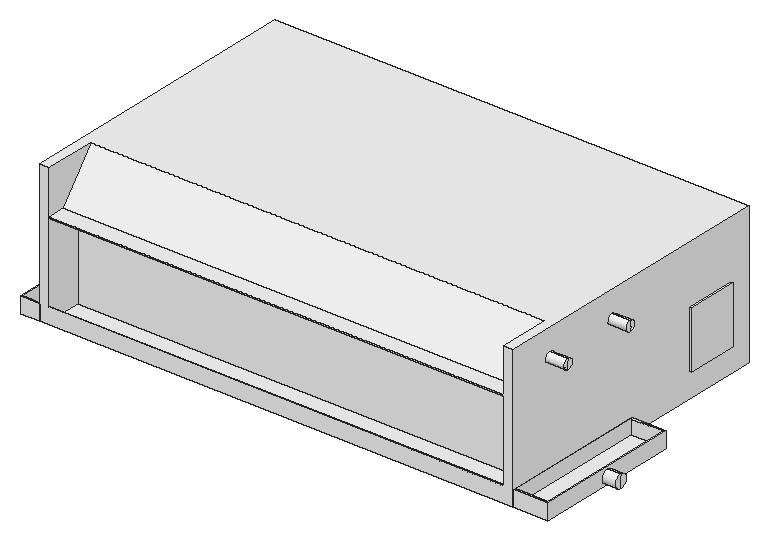
Revit family "ALDAG_AE_CONCEALED_CEILING_TYPE_FANCOIL_2_PIPE", category Mechanical Equipment, Revit 2016
Family settings
  Part Type = Normal
  Round Connector Dimension = Use Diameter
  OmniClass Number = 23.75.70.17.27
  OmniClass Title = Fan Coil Units
  Work Plane-Based = No
  Always vertical = Yes
  Cut with Voids When Loaded = No
  Shared = No
  Room Calculation Point = No
Parameters (values of type "AE 204_AC_Low")
  Width = 460 mm  # constant formula
  Weight = 17.00 kg
  Water_Pressure_Loss_Maximum_Heating = 6.6 kPa
  Water_Pressure_Loss_Maximum_Extra_Heating = 0.0 kPa
  Water_Pressure_Loss_Maximum_Cooling = 14.3 kPa
  Water_Outlet_Temperature = 12 °C  # constant formula
  Water_Inlet_Temperature = 7 °C  # constant formula
  Water_Flow_Heating = 0.0830556 L/s
  Water_Flow_Extra_Heating = 0.00 L/s
  Water_Flow_Cooling = 0.113611 L/s
  Voltage = 230 V  # constant formula
  URL = "http://www.aldag.com.tr/"
  Tray_Position [instance] = if(Coil_Connection_Left, Tray_Offset_Gap, 0 mm)  # 0 mm
  Tray_Pipe_Side [instance] = Tray_Offset  # 55 mm
  Tray_Offset_Gap = Length - 55 mm  # 771 mm
  Tray_Offset [instance] = if(Coil_Connection_Left, 30 mm, 55 mm)  # 55 mm
  Tray_Connector_Side [instance] = if(Coil_Connection_Left, 55 mm, 30 mm)  # 30 mm
  Total_Cooling_Capacity = 2.38 kW
  Supply_Duct_Connection = "710X125"
  Suction_Duct_Connection = "0"
  Sound_Level = "38dBA"
  Show_Clearance [instance] = no
  Sensible_Cooling_Capacity = 1.67 kW
  Right = "Right"
  Power = 100 W
  Pipe_Offset_Position [instance] = if(Coil_Connection_Left, 0 mm, Pipe_Offset_Gap)  # 741 mm
  Pipe_Offset_Gap = Length - 85 mm  # 741 mm
  Pipe_Length [instance] = 30 mm  # constant formula
  OmniclassNumber_2012 = "23.33.33.11.15.11"  # constant formula
  Number_Of_Poles = 1
  NominalWidth = Width  # 460 mm
  NominalLength = Length  # 826 mm
  NominalHeight = Height  # 220 mm
  Motor_Type = "AC"
  Model = "AE-204"
  Manufacturer = "ALDAG HVAC SYSTEM"
  Length = 826 mm
  Left = "Left"
  IfcExportType = "AIRCONDITIONINGUNIT"  # constant formula
  IfcExportAs = "IfcUnitaryEquipmentType"  # constant formula
  Height = 220 mm  # constant formula
  Heating_Water_Outlet_Temperature = 70 °C  # constant formula
  Heating_Water_Inlet_Temperature = 90 °C  # constant formula
  Heating_Capacity_Standard = 6.95 kW
  Heating_Capacity_Extra = 0 kW
  Frequency = 50 Hz  # constant formula
  Fan_Speed = "Low"
  Extra_Heating_Water_Outlet_Temperature = 60 °C  # constant formula
  Extra_Heating_Water_Inlet_Temperature = 70 °C  # constant formula
  External_Static_Pressure = 20.0 Pa
  Duct_Width = Length - 116 mm  # 710 mm
  Duct_Height = 125 mm  # constant formula
  Drain_Pipe_Offset [instance] = if(Coil_Connection_Left, 0 mm, Tray_Offset_Gap + 55 mm)  # 826 mm
  Drain_Out = 20 mm  # constant formula
  Control_Enclosure_Right [instance] = not(Coil_Connection_Left)  # yes
  Control_Enclosure_Left [instance] = not(Control_Enclosure_Right)  # no
  Control_Enclosure_Angle [instance] = if(Control_Enclosure_Left, 0.00°, 180.00°)  # 180.00°
  Connector_Position [instance] = if(Coil_Connection_Left, 0 mm, Connector_Offset_Gap)  # 751 mm
  Connector_Offset_Gap = Length - 75 mm  # 751 mm
  Coil_Connection_Right [instance] = not(Control_Enclosure_Left)  # yes
  Coil_Connection_Radius [instance] = Coil_Connection_Diameter / 2  # 7.5 mm
  Coil_Connection_Left [instance] = no
  Coil_Connection_Diameter = 15 mm
  Coil_Connection [instance] = if(Coil_Connection_Left, Left, Right)  # "Right"
  Clearance_Pipe_Side [instance] = if(Coil_Connection_Left, 300 mm, 200 mm)  # 200 mm
  Clearance_Opposite_Side [instance] = if(Coil_Connection_Left, 200 mm, 300 mm)  # 300 mm
  Assembly Code = "FCU-2"
  Air_Flow = 428.0 m³/h
  Additional_Heating_Connection = 0 mm  # constant formula
Types (2, lengths in mm): name | Weight | Water_Pressure_Loss_Maximum_Heating | Water_Pressure_Loss_Maximum_Cooling | Water_Flow_Heating | Water_Flow_Cooling | Tray_Offset_Gap | Total_Cooling_Capacity | Supply_Duct_Connection | Sound_Level | Sensible_Cooling_Capacity | Pipe_Offset_Position | Pipe_Offset_Gap | NominalLength | Model | Length | Heating_Capacity_Standard | Duct_Width | Drain_Pipe_Offset | Connector_Position | Connector_Offset_Gap | Assembly Code | Air_Flow
  AE 204_AC_Low | 17.00 kg | 6.6 kPa | 14.3 kPa | 0.0830556 L/s | 0.113611 L/s | 771 | 2.38 kW | "710X125" | "38dBA" | 1.67 kW | 741 | 741 | 826 | "AE-204" | 826 | 6.95 kW | 710 | 826 | 751 | 751 | "FCU-2" | 428.0 m³/h
  AE 104_AC_Low | 16.00 kg | 4.2 kPa | 6.9 kPa | 0.0597222 L/s | 0.0611111 L/s | 571 | 1.28 kW | "510X125" | "36dBA" | 0.96 kW | 541 | 541 | 626 | "AE-104" | 626 | 5.01 kW | 510 | 626 | 551 | 551 | "FCU-1" | 323.0 m³/h
Reference planes
  plane 1 "Center (Front/Back)": y = 0
  plane 2: z = 0
  plane 3 "Center (Left/Right)": x = 0
  plane 4: z = 220
  plane 5: x = -413
  plane 6: x = 413
  plane 7: y = 230
  plane 8: y = -230
  plane 9: x = -383
  plane 10: x = 358
  plane 11: x = 413
  plane 12: x = 413
  plane 13: x = -413
  plane 14: x = -413
  plane 15: z = 180
  plane 16: x = -383
  plane 17: x = 358
  plane 18: z = 180
  plane 19: x = -383
  plane 20: x = 358
  plane 21: z = 12.9
  plane 22: x = -413
  plane 23: x = 413
  plane 24: z = 12.9
  plane 25: x = -393
  plane 26: x = 358
Forms (mm)
  Extrusion 1, solid, material "PVC"
    sketch origin (0, 0, 0) x (1, 0, 0) y (0, 1, 0)
      loop
        line (-383, 230) -> (-383, -230) -> (358, -230) -> (358, 230) -> (-383, 230)
    from 0 to 220
  Sweep 2, solid, material "PVC"
    path origin (0, 0, 0) x (1, 0, 0) y (0, 1, 0)
      loop
        line (358, 0) -> (358, -230) -> (413, -230) -> (413, 0) -> (358, 0)
    profile origin (358, -115, 0) x (1, 0, 0) y (0, 0, 1)
      loop
        line (0.088, 0.015) -> (2.092, 0.015) -> (2.092, 24.705) -> (0.088, 24.705) -> (0.088, 0.015)
  Sweep 3, solid, material "PVC"
    path origin (-595.912, -0.088, 0) x (1, 0, 0) y (0, 1, 0)
      loop
        line (182.912, 0) -> (182.912, -230) -> (212.912, -230) -> (212.912, 0) -> (182.912, 0)
    profile origin (-413, -115.088, 0) x (1, 0, 0) y (0, 0, 1)
      loop
        line (0.088, 0.015) -> (2.092, 0.015) -> (2.092, 24.705) -> (0.088, 24.705) -> (0.088, 0.015)
  Extrusion 4, solid, material "PVC"
    sketch origin (0, 0, 0) x (1, 0, 0) y (0, 1, 0)
      loop
        line (-410.908, -2.181) -> (-410.908, -227.996) -> (-385.092, -227.996) -> (-385.092, -2.181) -> (-410.908, -2.181)
    from 0 to 2
  Extrusion 5, solid, material "PVC"
    sketch origin (0, 0, 0) x (1, 0, 0) y (0, 1, 0)
      loop
        line (360.092, -2.092) -> (360.092, -227.908) -> (410.908, -227.908) -> (410.908, -2.092) -> (360.092, -2.092)
    from 0 to 2
  Revolve 6, solid, material "PVC"
    sketch origin (0, -160, 126) x (1, 0, 0) y (0, 0, 1)
      loop
        line (388, 61.5) -> (358, 61.5) -> (358, 54) -> (388, 54) -> (388, 61.5)
      axis (358, 54) -> (388, 54)
    angle from 0 to 360
  Revolve 7, solid, material "PVC"
    sketch origin (0, -38, 126) x (1, 0, 0) y (0, 0, 1)
      loop
        line (388, 61.5) -> (358, 61.5) -> (358, 54) -> (388, 54) -> (388, 61.5)
      axis (358, 54) -> (388, 54)
    angle from 0 to 360
  Revolve 8, solid, material "PVC"
    sketch origin (55.543, -115.5, -41.1) x (1, 0, 0) y (0, 0, 1)
      loop
        line (379.684, 44) -> (379.684, 54) -> (357.457, 54) -> (357.457, 44) -> (379.684, 44)
      axis (357.457, 54) -> (379.684, 54)
    angle from 0 to 360
  Extrusion 9, solid, material "Clearance", visible <- "Show_Clearance"
    sketch origin (0, 165.457, 0) x (0, 1, 0) y (0, 0, 1)
      loop
        line (64.543, 220) -> (64.543, 0) -> (364.543, 0) -> (364.543, 220) -> (64.543, 220)
    from -383 to 358
  Extrusion 10, solid, material "Clearance", visible <- "Show_Clearance"
    sketch origin (0, 0, 0) x (0, 1, 0) y (0, 0, 1)
      loop
        line (-230, 0) -> (-230, -250) -> (230, -250) -> (230, 0) -> (-230, 0)
    from -383 to 358
  Extrusion 11, solid, material "Clearance", visible <- "Show_Clearance"
    sketch origin (0, 0, 0) x (1, 0, 0) y (0, 1, 0)
      loop
        line (358, 230) -> (358, -230) -> (658, -230) -> (658, 230) -> (358, 230)
    from 0 to 220
  Extrusion 12, solid, material "Clearance", visible <- "Show_Clearance"
    sketch origin (0, 0, 0) x (1, 0, 0) y (0, 1, 0)
      loop
        line (-383, 230) -> (-583, 230) -> (-583, -230) -> (-383, -230) -> (-383, 230)
    from 0 to 220
  Extrusion 13, solid, material "PVC"
    sketch origin (0, 0, 0) x (0, 1, 0) y (0, 0, 1)
      loop
        line (114.412, 129.553) -> (114.412, 39.372) -> (194.412, 39.372) -> (194.412, 129.553) -> (114.412, 129.553)
    from 358 to 362.847
  Extrusion 14, void
    sketch origin (0, 0, 0) x (1, 0, 0) y (0, 0, 1)
      loop
        line (-368, 149.705) -> (-368, 5) -> (343, 5) -> (343, 149.705) -> (-368, 149.705)
    from 173.541 to 227.908
  Extrusion 15, void
    sketch origin (0, 0, 0) x (1, 0, 0) y (0, 0, 1)
      loop
        line (-368, 24.705) -> (343, 24.705) -> (343, 149.705) -> (-368, 149.705) -> (-368, 24.705)
    from 173.541 to 230
  Sweep 16, void
    path origin (0, 0, 0) x (1, 0, 0) y (0, 0, 1)
      loop
        line (-368, 218) -> (343, 218)
    profile origin (-12.5, 0, 218) x (0, 0, 1) y (0, -1, 0)
      loop
        line (2, 148.493) -> (2, 230) -> (-65.954, 230) -> (-65.954, 203.521) -> (2, 148.493)
Cuts and joins
  joined: Sweep 2, Extrusion 5
  joined: Sweep 3, Extrusion 4
  Extrusion 14, Extrusion 15, Sweep 16 cuts Extrusion 1
  Sweep 16 cuts Extrusion 12
Dimensions and locks
  "Height": plane 4 to plane 2
  equal spacing: plane 7, plane 1 "Center (Front/Back)", plane 8
  "Width": plane 7 to plane 8
  equal spacing: plane 5, plane 3 "Center (Left/Right)", plane 6
  "Length": plane 5 to plane 6
  "Tray_Connector_Side": plane 5 to plane 9
  "Tray_Pipe_Side": plane 10 to plane 6
  locked: Sweep 2 sketch curve to Sweep 2 sketch curve at 55
  "Tray_Position": plane 12 to plane 11
  locked: Sweep 2 sketch curve to Sweep 2 sketch curve at 2.004
  locked: Sweep 3 sketch curve to Sweep 3 sketch curve at 2.004
  locked: Sweep 3 sketch curve to Sweep 3 sketch curve at 30
  locked: plane 13 to plane 9 at 30
  "Tray_Position": plane 13 to plane 14
  "Pipe_Offset_Position": plane 17 to plane 16
  "Coil_Connection_Radius": Revolve 6 sketch curve to Revolve 6 sketch curve
  "Pipe_Length": Revolve 6 sketch curve to Revolve 6 sketch curve
  "Pipe_Offset_Position": plane 20 to plane 19
  "Coil_Connection_Radius": Revolve 7 sketch curve to Revolve 7 sketch curve
  "Drain_Pipe_Offset": plane 23 to plane 22
  locked: Revolve 8 sketch curve to Revolve 8 sketch curve at 22.227
  Revolve 8 sketch curve to Revolve 8 sketch curve = 10 mm
  Extrusion 9 to Extrusion 9 = 300 mm
  locked: Extrusion 10 sketch curve to Extrusion 10 sketch curve at 250
  "Clearance_Opposite_Side": Extrusion 11 sketch curve to Extrusion 11 sketch curve
  "Clearance_Pipe_Side": Extrusion 12 sketch curve to Extrusion 12 sketch curve
  "Connector_Position": plane 26 to plane 25
  locked: plane 9 to plane 25 at 10
  plane 10 to plane 26 = 0 mm
  Extrusion 11 to Extrusion 12 = 741 mm
  locked: Extrusion 13 to Extrusion 13 at 4.847
  locked: plane 10 to Extrusion 15 sketch curve at 15
  locked: plane 9 to Extrusion 15 sketch curve at 15
  Extrusion 9 to cut or joined group of Extrusion 1, Extrusion 14, Extrusion 15, Sweep 16 = 300 mm
  locked: Extrusion 9 sketch curve to plane 7 at 300
  "Control_Enclosure_Angle": angle Revolve 6 sketch curve to plane 15
  "Control_Enclosure_Angle": angle Revolve 7 sketch curve to plane 18
  "Control_Enclosure_Angle": angle Revolve 8 sketch curve to plane 24
  aligned and locked: level to plane 2
  aligned and locked: Extrusion 1 sketch curve to plane 7
  aligned and locked: plane 9 to Extrusion 1 sketch curve
  aligned and locked: plane 8 to Extrusion 1 sketch curve
  aligned and locked: Extrusion 1 sketch curve to plane 10
  aligned and locked: plane 4 to Extrusion 1
  aligned and locked: Sweep 2 sketch curve to plane 12
  aligned and locked: plane 6 to plane 11
  aligned and locked: Sweep 3 sketch curve to plane 14
  aligned and locked: Extrusion 4 sketch curve to Sweep 3  (x4)
  aligned and locked: Extrusion 5 sketch curve to Sweep 2  (x4)
  aligned and locked: plane 17 to Revolve 6 sketch curve
  aligned and locked: Revolve 6 sketch curve to Revolve 6 sketch curve  (x3)
  aligned and locked: plane 20 to Revolve 7 sketch curve
  aligned and locked: Revolve 7 sketch curve to Revolve 7 sketch curve  (x3)
  aligned and locked: plane 9 to plane 19
  aligned and locked: plane 9 to plane 16
  aligned and locked: Revolve 8 sketch curve to Revolve 8 sketch curve  (x3)
  aligned and locked: plane 23 to Revolve 8 sketch curve
  aligned and locked: plane 5 to plane 22
  aligned and locked: Extrusion 9 to Extrusion 1  (x2)
  aligned and locked: Extrusion 9 to plane 7
  aligned and locked: Extrusion 10 sketch curve to level
  aligned and locked: Extrusion 10 to Extrusion 1  (x2)
  aligned and locked: Extrusion 1 to Extrusion 10  (x2)
  aligned and locked: Extrusion 11 sketch curve to plane 10
  aligned and locked: Extrusion 11 to Extrusion 1  (x3)
  aligned and locked: Extrusion 12 sketch curve to plane 8
  aligned and locked: Extrusion 12 sketch curve to Extrusion 9
  aligned and locked: Extrusion 1 to Extrusion 12
  aligned and locked: Extrusion 13 to plane 26
  aligned and locked: Sweep 16 sketch curve to cut or joined group of Extrusion 1, Extrusion 14, Extrusion 15, Sweep 16
  aligned and locked: cut or joined group of Extrusion 1, Extrusion 14, Extrusion 15, Sweep 16 to Sweep 16 sketch curve
Automatic sketch dimensions
  Sweep 2 sketch curve to plane 8 = 0 mm
  plane 1 "Center (Front/Back)" to Sweep 2 sketch curve = 0 mm
  Sweep 2 sketch curve to profile plane = 0.088 mm
  level to Sweep 2 sketch curve = 0.015 mm
  Sweep 2 sketch curve to Sweep 2 sketch curve = 24.689 mm
  Sweep 3 sketch curve to plane 8 = 0.088 mm
  plane 1 "Center (Front/Back)" to Sweep 3 sketch curve = 0.088 mm
  Sweep 3 sketch curve to profile plane = 0.088 mm
  level to Sweep 3 sketch curve = 0.015 mm
  Sweep 3 sketch curve to Sweep 3 sketch curve = 24.689 mm
  Revolve 7 sketch curve to plane 18 = 0 mm
  Extrusion 10 sketch curve to plane 8 = 0 mm
  plane 7 to Extrusion 10 sketch curve = 0 mm
  Extrusion 11 sketch curve to plane 8 = 0 mm
  Extrusion 11 sketch curve to plane 7 = 0 mm
  Extrusion 12 sketch curve to plane 7 = 0 mm
  level to Extrusion 13 sketch curve = 39.372 mm
  Extrusion 13 sketch curve to plane 1 "Center (Front/Back)" = 114.412 mm
  Extrusion 13 sketch curve to plane 7 = 35.588 mm
  Extrusion 13 sketch curve to Extrusion 13 sketch curve = 90.181 mm
  Sweep 16 sketch curve to plane 4 = 2 mm
  profile plane to Sweep 16 sketch curve = 65.954 mm
  plane 1 "Center (Front/Back)" to Sweep 16 sketch curve = 203.521 mm
  Sweep 16 sketch curve to Sweep 16 sketch curve = 26.479 mm
  Sweep 16 sketch curve to profile plane = 2 mm
  Sweep 16 sketch curve to Sweep 16 sketch curve = 81.507 mm
  level to Extrusion 15 sketch curve = 24.705 mm
  Extrusion 15 sketch curve to plane 4 = 70.295 mm
  level to Extrusion 14 sketch curve = 5 mm
  Extrusion 14 sketch curve to plane 4 = 70.295 mm
  plane 9 to Extrusion 14 sketch curve = 15 mm
  Extrusion 14 sketch curve to plane 10 = 15 mm
  Extrusion 9 sketch curve to level = 0 mm
  plane 7 to Extrusion 9 sketch curve = 0 mm
  Extrusion 9 sketch curve to plane 4 = 0 mm
  Revolve 8 sketch curve to plane 21 = 0 mm
  Revolve 6 sketch curve to plane 15 = 0 mm
Connectors
  piping at (388, -38, 180), diameter 15, driven by "Coil_Connection_Diameter", driven by "Water_Flow_Cooling", driven by "Water_Pressure_Loss_Maximum_Cooling"
    settings: on Revolve 7, index 1, connector inside diameter 609.6 mm, connector length 0 mm, flow factor 0, pipe flow 0.113611 L/s, pressure drop 14300.0 Pa, fitting loss kfactor 0, connector angle 0.00°, fixture units 0, engagement length 0 mm, angle of deflection 0.00°, flow configuration 1, flow direction 1, fitting loss method 4, system type 7, joint type 0, gender type 0, connector reference index -1, connector utility 0, adjustable connector no, is connector primary yes, connector description ""
  piping at (388, -160, 180), diameter 15, driven by "Coil_Connection_Diameter", driven by "Water_Flow_Cooling", driven by "Water_Pressure_Loss_Maximum_Cooling"
    settings: on Revolve 6, index 2, connector inside diameter 609.6 mm, connector length 0 mm, flow factor 0, pipe flow 0.113611 L/s, pressure drop 14300.0 Pa, fitting loss kfactor 0, connector angle 0.00°, fixture units 0, engagement length 0 mm, angle of deflection 0.00°, flow configuration 1, flow direction 2, fitting loss method 4, system type 8, joint type 0, gender type 0, connector reference index -1, connector utility 0, adjustable connector no, is connector primary no, connector description ""
  piping at (435.227, -115.5, 12.9), diameter 20, driven by "Drain_Out"
    settings: on Revolve 8, index 3, connector inside diameter 609.6 mm, connector length 0 mm, flow factor 0, pipe flow 0.00 L/s, pressure drop 0.0 Pa, fitting loss kfactor 0, connector angle 0.00°, fixture units 0, engagement length 0 mm, angle of deflection 0.00°, flow configuration 2, flow direction 2, fitting loss method 0, system type 16, joint type 0, gender type 0, connector reference index -1, connector utility 0, adjustable connector yes, is connector primary no, connector description ""
  electrical at (362.847, 154.412, 84.462), driven by "Voltage", driven by "Power", driven by "Number_Of_Poles"
    settings: on Extrusion 13, index 4, voltage 230 V, apparent load 0 VA, apparent load phase1 100 VA, apparent load phase2 0 VA, apparent load phase3 0 VA, power factor 1, load classification "Other", number of poles 1, system type 31, power factor state 1, is connector primary yes, connector utility no, sub classification motor no, connector description ""
  hvac at (-12.5, -230, 87.205), driven by "Duct_Height", driven by "Duct_Width", driven by "External_Static_Pressure", driven by "Air_Flow"
    settings: on cut or joined group of Extrusion 1, Extrusion 14, Extrusion 15, Sweep 16, index 5, duct flow 428.0 m³/h, flow factor 0, pres drop 0.02 kPa, loss coef 0, conn angle 0.00°, conn width 710 mm, conn height 125 mm, conn diameter 609.6 mm, duct sys type 1, conn prof type 1, flow config 0, flow direction 2, loss method 4, conn ref index -1, conn util no, is conn primary yes, conn desc ""
